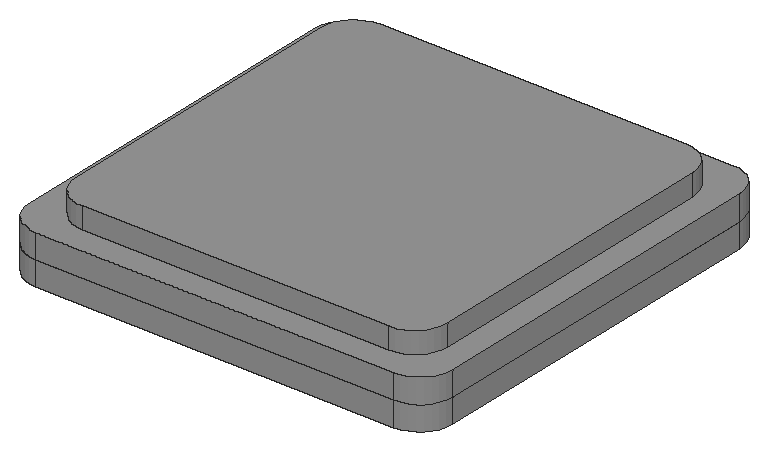
Revit family "FMS2_63_UN_Surface-mounted_ETK", category Lighting Fixtures, Revit 2019 (continued)
Definition of nested family "FMS.2 - Lightsource"
  Types (14, lengths in mm): name | Wattage Comments | Wattage | built-in parameter 1150134 | Photometric Web File | built-in parameter 1150142 | built-in parameter 1150105 | Lumens | built-in parameter 1150107 | built-in parameter 1150106 | Apparent Load
      .8944\t945.3186\t942.7428\r\n939.8808\t937.0188\t934.1568\t931.2948\t928.4328\t925.857\t922.995\t920.133\t917.271\t914.409\r\n911.547\t908.685\t905.823\t901.8162\t897.5232\t893.2302\t888.9372\t884.6442\t880.065\t875.772\r\n871.1928\t866.6136\t862.0344\t857.4552\t852.876\t848.583\t844.0038\t839.7108\t835.1316\t830.8386\r\n826.5456\t821.9664\t817.3872\t812.808\t807.084\t801.36\t795.3498\t789.6258\t783.9018\t778.1778\r\n772.74\t767.016\t761.292\t755.568\t749.844\t744.12\t738.396\t732.672\t726.948\t721.224\r\n715.5\t709.776\t704.052\t698.328\t692.0316\t685.1628\t678.0078\t671.139\t664.2702\t657.4014\r\n650.5326\t643.6638\t636.795\t629.9262\t623.0574\t616.1886\t609.3198\t602.7372\t595.8684\t588.9996\r\n582.1308\t575.262\t568.3932\t561.5244\t554.3694\t546.9282\t539.2008\t531.7596\t524.0322\t516.3048\r\n508.8636\t501.1362\t493.695\t485.9676\t478.5264\t471.0852\t463.3578\t455.9166\t448.4754\t440.748\r\n433.3068\t425.8656\t418.1382\t410.697\t402.6834\t394.6698\t386.6562\t378.6426\t370.629\t362.6154\r\n354.6018\t346.5882\t338.5746\t330.561\t322.5474\t314.5338\t306.5202\t298.5066\t290.493\t282.4222\r\n274.4372\t266.4236\t258.4386\t250.9974\t243.7279\t236.4584\t229.189\t221.9481\t214.6786\t207.4378\r\n200.1683\t192.9274\t185.6866\t178.4457\t171.2335\t163.9926\t156.7517\t149.5395\t142.3273\t135.0864\r\n127.8742\t120.6619\t108.985\t96.3063\t83.6276\t70.9776\t58.2989\t45.6203\t32.9416\t20.2773\r\n7.6072\t0\t0\t0\t0\t0\t0\t0\t0\t0\r\n0\r\n985.1004\t983.9556\t983.097\t981.9522\t980.8074\t979.9488\t978.804\t977.9454\t977.0868\t975.942\r\n975.0834\t974.2248\t973.08\t972.2214\t971.0766\t970.218\t969.0732\t968.2146\t967.356\t966.2112\r\n965.3526\t963.9216\t961.0596\t958.4838\t955.6218\t953.046\t950.184\t947.6082\t944.7462\t941.8842\r\n939.3084\t936.7326\t933.8706\t931.2948\t928.719\t925.857\t923.2812\t920.4192\t917.8434\t915.2676\r\n912.4056\t909.5436\t905.823\t901.53\t896.9508\t892.6578\t888.3648\t884.0718\t879.7788\t875.4858\r\n870.9066\t866.6136\t862.3206\t857.7414\t853.4484\t849.1554\t844.5762\t840.2832\t835.9902\t831.6972\r\n827.4042\t823.1112\t818.2458\t812.5218\t807.084\t801.36\t795.636\t789.912\t784.188\t778.464\r\n772.74\t767.016\t761.292\t755.568\t749.844\t744.4062\t738.6822\t732.9582\t727.5204\t721.7964\r\n716.0724\t710.6346\t704.9106\t698.0418\t691.173\t684.5904\t677.7216\t670.8528\t663.984\t657.1152\r\n650.2464\t643.6638\t636.795\t629.9262\t623.3436\t616.4748\t609.8922\t603.0234\t596.1546\t589.572\r\n582.7032\t576.1206\t569.2518\t561.8106\t554.0832\t546.642\t539.2008\t531.4734\t524.0322\t516.591\r\n508.8636\t501.4224\t493.695\t486.2538\t478.5264\t471.0852\t463.644\t455.9166\t448.4754\t441.0342\r\n433.3068\t425.8656\t418.1382\t410.1246\t402.111\t394.0974\t386.0838\t378.0702\t370.0566\t362.043\r\n354.0294\t346.0158\t338.0022\t329.9886\t321.975\t313.9614\t305.9478\t297.9342\t290.2068\t282.0787\r\n274.1224\t266.1374\t258.6676\t251.3695\t244.0714\t236.7733\t229.4752\t222.2057\t214.9076\t207.6381\r\n200.34\t193.0705\t185.7724\t178.5029\t171.2048\t163.9354\t156.6659\t149.3964\t142.1269\t134.8574\r\n127.5593\t118.5154\t105.8081\t93.1295\t80.4222\t67.7435\t55.0649\t42.3576\t29.6789\t16.9917\r\n4.3016\t0\t0\t0\t0\t0\t0\t0\t0\t0\r\n0\r\n985.1004\t983.9556\t983.097\t981.9522\t981.0936\t979.9488\t979.0902\t977.9454\t977.0868\t976.2282\r\n975.0834\t974.2248\t973.3662\t972.5076\t971.3628\t970.5042\t969.6456\t968.5008\t967.6422\t966.4974\r\n965.6388\t963.3492\t960.7734\t958.1976\t955.3356\t952.7598\t950.184\t947.322\t944.7462\t942.1704\r\n939.3084\t936.7326\t934.1568\t931.2948\t928.719\t925.857\t923.2812\t920.4192\t917.8434\t914.9814\r\n912.4056\t908.9712\t904.9644\t900.6714\t896.3784\t892.0854\t887.7924\t883.4994\t879.2064\t874.9134\r\n870.9066\t866.6136\t862.3206\t858.0276\t853.7346\t849.4416\t845.1486\t840.8556\t836.8488\t832.5558\r\n828.2628\t823.6836\t817.9596\t812.2356\t806.5116\t800.7876\t795.3498\t789.6258\t783.9018\t778.1778\r\n772.74\t767.016\t761.292\t755.568\t750.1302\t744.4062\t738.6822\t732.9582\t727.2342\t721.5102\r\n715.7862\t710.0622\t703.4796\t696.6108\t690.0282\t683.1594\t676.5768\t669.9942\t663.1254\t656.5428\r\n649.674\t643.0914\t636.5088\t629.9262\t623.0574\t616.4748\t609.8922\t603.0234\t596.4408\t589.8582\r\n582.9894\t576.1206\t568.6794\t561.2382\t553.797\t546.3558\t538.9146\t531.1872\t523.746\t516.3048\r\n508.8636\t501.1362\t493.695\t486.2538\t478.8126\t471.3714\t463.644\t456.2028\t448.7616\t441.3204\r\n433.8792\t426.1518\t418.1382\t410.1246\t402.111\t394.3836\t386.37\t378.3564\t370.3428\t362.3292\r\n354.3156\t346.302\t338.2884\t330.2748\t322.2612\t314.2476\t306.234\t298.2204\t290.2068\t282.1932\r\n274.1796\t266.4808\t259.1541\t251.8274\t244.5007\t237.1739\t229.8472\t222.5205\t215.1938\t207.8957\r\n200.569\t193.2422\t185.9155\t178.6174\t171.2907\t163.964\t156.6659\t149.3392\t142.0411\t134.7143\r\n127.4162\t116.3117\t103.6044\t90.8971\t78.1612\t65.4539\t52.7467\t40.0394\t27.3378\t14.6305\r\n1.9213\t0\t0\t0\t0\t0\t0\t0\t0\t0\r\n0\r\n985.1004\t984.2418\t983.097\t982.2384\t981.0936\t980.235\t979.0902\t978.2316\t977.373\t976.2282\r\n975.3696\t974.511\t973.3662\t972.5076\t971.649\t970.7904\t969.6456\t968.787\t967.9284\t967.0698\r\n966.2112\t963.6354\t961.0596\t958.4838\t955.6218\t953.046\t950.4702\t947.6082\t945.0324\t942.4566\r\n939.5946\t937.0188\t934.443\t931.581\t929.0052\t926.4294\t923.5674\t920.9916\t918.4158\t915.84\r\n913.2642\t908.9712\t904.9644\t900.6714\t896.3784\t892.0854\t887.7924\t883.4994\t879.2064\t874.9134\r\n870.9066\t866.6136\t862.3206\t858.0276\t853.7346\t849.4416\t845.4348\t841.1418\t836.8488\t832.5558\r\n828.549\t823.1112\t817.3872\t811.9494\t806.2254\t800.7876\t795.0636\t789.3396\t783.9018\t778.1778\r\n772.4538\t767.016\t761.292\t755.568\t749.844\t744.4062\t738.6822\t732.9582\t727.2342\t721.7964\r\n716.0724\t709.4898\t702.9072\t696.3246\t689.742\t683.1594\t676.2906\t669.708\t663.1254\t656.5428\r\n649.9602\t643.0914\t636.5088\t629.9262\t623.3436\t616.761\t610.1784\t603.3096\t596.727\t590.1444\r\n583.5618\t576.1206\t568.6794\t561.2382\t553.797\t546.3558\t538.9146\t531.4734\t523.746\t516.3048\r\n508.8636\t501.4224\t493.9812\t486.54\t478.8126\t471.3714\t463.9302\t456.489\t449.0478\t441.6066\r\n434.1654\t426.1518\t418.1382\t410.1246\t402.111\t394.0974\t386.0838\t378.0702\t370.0566\t362.043\r\n354.3156\t346.302\t338.2884\t330.2748\t322.2612\t314.2476\t306.234\t298.2204\t290.2068\t282.2504\r\n274.2655\t266.8243\t259.4689\t252.1422\t244.7869\t237.4315\t230.0762\t222.7208\t215.3655\t208.0388\r\n200.6834\t193.3281\t185.9728\t178.646\t171.2907\t163.9354\t156.6086\t149.2533\t141.898\t134.5712\r\n127.2159\t114.9093\t102.202\t89.4661\t76.7588\t64.0516\t51.3443\t38.6084\t25.9068\t13.1938\r\n0.4814\t0\t0\t0\t0\t0\t0\t0\t0\t0\r\n0\r\n985.1004\t984.2418\t983.097\t982.2384\t981.3798\t980.235\t979.3764\t978.5178\t977.373\t976.5144\r\n975.3696\t974.511\t973.6524\t972.5076\t971.649\t970.7904\t969.6456\t968.787\t967.9284\t966.7836\r\n965.925\t963.3492\t960.4872\t957.9114\t955.3356\t952.7598\t949.8978\t947.322\t944.7462\t942.1704\r\n939.3084\t936.7326\t934.1568\t931.581\t929.0052\t926.1432\t923.5674\t920.9916\t918.4158\t915.5538\r\n912.978\t908.685\t904.6782\t900.3852\t896.0922\t891.7992\t887.7924\t883.4994\t879.2064\t875.1996\r\n870.9066\t866.6136\t862.3206\t858.3138\t854.0208\t849.7278\t845.721\t841.428\t837.135\t832.842\r\n828.8352\t823.1112\t817.6734\t811.9494\t806.2254\t800.7876\t795.0636\t789.6258\t783.9018\t778.464\r\n772.74\t767.016\t761.5782\t755.8542\t750.4164\t744.6924\t739.2546\t733.5306\t727.8066\t722.3688\r\n716.6448\t710.0622\t703.4796\t696.6108\t690.0282\t683.4456\t676.863\t669.9942\t663.4116\t656.829\r\n650.2464\t643.3776\t636.795\t630.2124\t623.3436\t616.761\t610.1784\t603.5958\t596.727\t590.1444\r\n583.5618\t576.1206\t568.6794\t561.2382\t553.5108\t546.0696\t538.6284\t531.1872\t523.746\t516.3048\r\n508.8636\t501.4224\t493.9812\t486.54\t478.8126\t471.3714\t463.9302\t456.489\t449.0478\t441.6066\r\n434.1654\t426.1518\t418.1382\t410.1246\t402.111\t394.0974\t386.37\t378.3564\t370.3428\t362.3292\r\n354.3156\t346.302\t338.2884\t330.2748\t322.2612\t314.2476\t306.234\t298.5066\t290.493\t282.4222\r\n274.4372\t267.0818\t259.7265\t252.3712\t245.0158\t237.6891\t230.3338\t222.9784\t215.6231\t208.2677\r\n200.9124\t193.5857\t186.2303\t178.875\t171.5197\t164.1643\t156.809\t149.4823\t142.1269\t134.7716\r\n127.4162\t114.6803\t101.9444\t89.1799\t76.444\t63.7081\t50.9722\t38.2363\t25.4832\t12.7416\r\n0\t0\t0\t0\t0\t0\t0\t0\t0\t0\r\n0\r\n985.1004\t983.9556\t983.097\t981.9522\t981.0936\t979.9488\t979.0902\t978.2316\t977.0868\t976.2282\r\n975.3696\t974.511\t973.6524\t972.5076\t971.649\t970.7904\t969.9318\t969.0732\t968.5008\t967.6422\r\n966.7836\t964.2078\t961.632\t959.0562\t956.1942\t953.6184\t950.7564\t948.1806\t945.3186\t942.7428\r\n939.8808\t937.305\t934.443\t931.8672\t929.0052\t926.4294\t923.5674\t920.9916\t918.1296\t915.5538\r\n912.6918\t908.685\t904.392\t900.3852\t896.0922\t891.7992\t887.7924\t883.4994\t879.4926\t875.1996\r\n870.9066\t866.8998\t862.6068\t858.3138\t854.307\t850.014\t845.721\t841.428\t837.135\t833.1282\r\n828.8352\t823.3974\t817.6734\t811.9494\t806.2254\t800.7876\t795.0636\t789.3396\t783.9018\t778.1778\r\n772.4538\t767.016\t761.292\t755.8542\t750.1302\t744.6924\t738.9684\t733.5306\t727.8066\t722.3688\r\n716.6448\t710.3484\t703.7658\t696.897\t690.3144\t683.7318\t676.863\t670.2804\t663.6978\t656.829\r\n650.2464\t643.6638\t636.795\t630.2124\t623.6298\t616.761\t610.1784\t603.5958\t596.727\t590.1444\r\n583.5618\t576.1206\t568.6794\t561.2382\t553.797\t546.3558\t538.9146\t531.4734\t524.0322\t516.591\r\n509.1498\t501.7086\t494.2674\t486.54\t479.0988\t471.6576\t464.2164\t456.7752\t449.334\t441.8928\r\n434.4516\t426.438\t418.4244\t410.4108\t402.3972\t394.6698\t386.6562\t378.6426\t370.629\t362.6154\r\n354.6018\t346.5882\t338.5746\t330.561\t322.5474\t314.5338\t306.5202\t298.5066\t290.7792\t282.6797\r\n274.6948\t267.2536\t259.8982\t252.5715\t245.2162\t237.8608\t230.5341\t223.1788\t215.852\t208.4967\r\n201.1414\t193.8146\t186.4593\t179.1326\t171.7772\t164.4505\t157.0952\t149.7685\t142.4131\t135.0864\r\n127.7311\t115.3672\t102.6027\t89.8382\t77.0737\t64.3091\t51.5446\t38.7801\t26.0156\t13.2482\r\n0.4834\t0\t0\t0\t0\t0\t0\t0\t0\t0\r\n0\r\n985.1004\t983.9556\t983.097\t981.9522\t980.8074\t979.9488\t978.804\t977.9454\t977.0868\t976.2282\r\n975.3696\t974.511\t973.6524\t972.5076\t971.649\t970.7904\t969.6456\t968.787\t967.6422\t966.7836\r\n965.6388\t963.3492\t960.7734\t957.9114\t955.3356\t952.7598\t950.184\t947.6082\t944.7462\t942.1704\r\n939.5946\t937.0188\t934.443\t931.581\t929.0052\t926.4294\t923.5674\t920.7054\t917.8434\t915.2676\r\n912.4056\t908.9712\t904.9644\t900.6714\t896.3784\t892.0854\t888.0786\t883.7856\t879.4926\t875.1996\r\n871.1928\t866.8998\t862.6068\t858.3138\t854.0208\t850.014\t845.721\t841.428\t837.135\t832.5558\r\n828.2628\t823.6836\t818.2458\t812.5218\t807.084\t801.36\t795.9222\t790.1982\t784.4742\t778.7502\r\n773.3124\t767.5884\t761.8644\t756.1404\t750.4164\t744.6924\t738.9684\t733.2444\t727.8066\t722.0826\r\n716.3586\t710.6346\t703.7658\t697.1832\t690.6006\t683.7318\t677.1492\t670.5666\t663.984\t657.1152\r\n650.5326\t643.95\t637.0812\t630.4986\t623.916\t617.0472\t610.4646\t603.882\t597.2994\t590.4306\r\n583.848\t576.9792\t569.538\t562.0968\t554.6556\t547.2144\t539.487\t532.0458\t524.6046\t516.8772\r\n509.436\t501.9948\t494.2674\t486.8262\t479.385\t471.9438\t464.2164\t456.7752\t449.334\t441.6066\r\n434.1654\t426.438\t418.4244\t410.697\t402.6834\t394.6698\t386.6562\t378.6426\t370.629\t362.6154\r\n354.6018\t346.5882\t338.8608\t330.8472\t322.8336\t314.82\t306.8064\t298.7928\t291.0654\t282.9659\r\n275.0096\t267.3108\t259.9841\t252.6574\t245.3593\t238.0325\t230.7058\t223.3791\t216.0524\t208.7257\r\n201.3989\t194.1008\t186.7741\t179.4474\t172.1207\t164.8226\t157.4959\t150.1691\t142.871\t135.5443\r\n128.2176\t117.0558\t104.2913\t91.4981\t78.705\t65.9119\t53.1187\t40.3256\t27.521\t14.7279\r\n1.9341\t0\t0\t0\t0\t0\t0\t0\t0\t0\r\n0\r\n985.1004\t983.9556\t982.8108\t981.666\t980.8074\t979.6626\t978.804\t977.9454\t977.0868\t975.942\r\n975.0834\t974.2248\t973.3662\t972.2214\t971.3628\t970.218\t969.3594\t968.5008\t967.6422\t966.7836\r\n965.925\t964.494\t961.9182\t959.3424\t956.7666\t953.9046\t951.0426\t948.1806\t945.6048\t942.7428\r\n939.8808\t937.0188\t934.443\t931.8672\t929.0052\t926.4294\t923.8536\t921.2778\t918.702\t916.1262\r\n913.2642\t910.4022\t906.3954\t902.1024\t897.8094\t893.5164\t889.2234\t884.9304\t880.6374\t876.3444\r\n872.0514\t867.7584\t863.4654\t859.1724\t854.8794\t850.5864\t846.2934\t842.0004\t837.7074\t833.1282\r\n828.8352\t824.256\t819.6768\t813.6666\t807.9426\t802.2186\t796.4946\t790.7706\t785.0466\t779.3226\r\n773.5986\t767.8746\t762.1506\t756.4266\t750.7026\t744.9786\t739.2546\t733.5306\t727.8066\t722.0826\r\n716.6448\t710.9208\t705.1968\t698.328\t691.7454\t684.8766\t678.294\t671.4252\t664.5564\t657.9738\r\n651.105\t644.2362\t637.6536\t630.7848\t624.2022\t617.6196\t610.7508\t603.882\t597.2994\t590.4306\r\n583.848\t576.9792\t570.1104\t562.6692\t554.9418\t547.5006\t539.7732\t532.332\t524.8908\t517.1634\r\n509.7222\t501.9948\t494.5536\t487.1124\t479.385\t471.9438\t464.5026\t456.7752\t449.334\t441.6066\r\n434.1654\t426.7242\t418.9968\t410.9832\t402.9696\t394.956\t386.9424\t378.9288\t370.9152\t362.9016\r\n355.1742\t347.1606\t339.147\t331.1334\t323.1198\t315.1062\t307.3788\t299.3652\t291.3516\t283.3952\r\n275.4389\t267.4825\t259.9841\t252.686\t245.3593\t238.0612\t230.7631\t223.465\t216.1669\t208.8688\r\n201.5707\t194.2726\t187.0031\t179.705\t172.4069\t165.1374\t157.8393\t150.5698\t143.3003\t136.0022\r\n128.7328\t119.6316\t106.8098\t94.0167\t81.1949\t68.4018\t55.58\t42.7583\t29.9651\t17.152\r\n4.3445\t0\t0\t0\t0\t0\t0\t0\t0\t0\r\n0\r\n985.1004\t983.9556\t982.8108\t981.666\t980.5212\t979.6626\t978.804\t977.9454\t977.0868\t975.942\r\n975.0834\t974.2248\t973.08\t972.2214\t971.649\t970.7904\t969.9318\t969.0732\t968.2146\t967.0698\r\n965.925\t964.7802\t962.2044\t959.6286\t956.7666\t954.1908\t951.3288\t948.753\t946.1772\t943.6014\r\n940.7394\t937.8774\t935.0154\t932.1534\t929.2914\t926.4294\t923.5674\t920.9916\t918.1296\t915.2676\r\n912.4056\t909.5436\t906.6816\t902.6748\t898.3818\t894.0888\t889.7958\t885.5028\t880.9236\t876.6306\r\n872.0514\t867.7584\t863.4654\t858.8862\t854.5932\t850.014\t845.4348\t840.8556\t836.5626\t831.9834\r\n827.4042\t822.825\t818.532\t813.9528\t808.2288\t802.5048\t796.7808\t791.0568\t785.3328\t779.3226\r\n773.5986\t767.8746\t762.1506\t756.1404\t750.4164\t744.6924\t738.6822\t732.9582\t727.2342\t721.224\r\n715.5\t709.776\t703.7658\t698.0418\t691.7454\t685.1628\t678.294\t671.7114\t664.8426\t657.9738\r\n651.3912\t644.5224\t637.6536\t630.7848\t623.916\t617.3334\t610.4646\t603.5958\t596.727\t590.1444\r\n583.2756\t576.693\t569.8242\t563.2416\t556.0866\t548.3592\t540.918\t533.4768\t525.7494\t518.022\r\n510.2946\t502.8534\t495.126\t487.3986\t479.6712\t472.23\t464.5026\t457.0614\t449.334\t441.6066\r\n434.1654\t426.438\t418.9968\t411.2694\t403.2558\t395.2422\t387.2286\t379.215\t371.2014\t363.1878\r\n355.4604\t347.4468\t339.4332\t331.4196\t323.406\t315.3924\t307.665\t299.6514\t291.6378\t283.7673\r\n275.8396\t267.9404\t260.0127\t252.6001\t245.3306\t238.0612\t230.7917\t223.5222\t216.2527\t209.0119\r\n201.771\t194.5015\t187.2607\t180.0198\t172.8076\t165.5667\t158.3258\t151.1136\t143.8727\t136.6605\r\n129.4196\t122.2074\t110.416\t97.5656\t84.7438\t71.8934\t59.0717\t46.2213\t33.3709\t20.5463\r\n7.7074\t0\t0\t0\t0\t0\t0\t0\t0\t0\r\n0\r\n985.1004\t983.9556\t982.8108\t981.666\t980.5212\t979.6626\t978.804\t977.9454\t977.0868\t976.2282\r\n975.3696\t974.511\t973.6524\t973.08\t972.2214\t971.0766\t969.9318\t968.787\t967.356\t966.2112\r\n965.3526\t964.2078\t963.063\t960.4872\t957.9114\t955.0494\t952.1874\t949.3254\t946.4634\t943.6014\r\n940.7394\t937.8774\t935.3016\t932.4396\t929.5776\t926.7156\t923.8536\t920.9916\t918.1296\t914.9814\r\n911.8332\t908.9712\t905.823\t902.961\t899.5266\t894.9474\t890.6544\t886.0752\t881.496\t876.9168\r\n872.3376\t867.7584\t863.1792\t858.6\t854.0208\t849.7278\t845.1486\t840.5694\t836.2764\t831.6972\r\n827.118\t822.5388\t817.9596\t813.3804\t808.8012\t804.222\t798.2118\t792.2016\t786.4776\t780.4674\r\n774.7434\t768.7332\t763.0092\t756.999\t751.275\t745.551\t739.5408\t733.5306\t727.8066\t721.7964\r\n716.0724\t710.0622\t704.052\t698.328\t692.3178\t686.3076\t679.725\t672.8562\t665.9874\t659.1186\r\n651.9636\t645.0948\t638.226\t631.3572\t624.4884\t617.6196\t610.7508\t603.882\t597.0132\t590.1444\r\n583.2756\t576.4068\t569.538\t562.6692\t555.8004\t548.9316\t541.4904\t533.763\t526.0356\t518.3082\r\n510.867\t503.1396\t495.4122\t487.6848\t480.2436\t472.5162\t464.7888\t457.0614\t449.334\t441.8928\r\n434.1654\t426.438\t418.9968\t411.2694\t403.542\t395.8146\t387.801\t379.7874\t371.7738\t363.7602\r\n355.7466\t348.0192\t340.0056\t331.992\t323.9784\t315.9648\t308.2374\t300.2238\t292.2102\t284.3397\r\n276.412\t268.5128\t260.5851\t252.7146\t245.1589\t237.9181\t230.7058\t223.4936\t216.31\t209.0977\r\n201.8855\t194.7019\t187.4896\t180.306\t173.1224\t165.9388\t158.7838\t151.6001\t144.4451\t137.2901\r\n130.1351\t122.9801\t114.9093\t102.0303\t89.1799\t76.3009\t63.4505\t50.5715\t37.7212\t24.8593\r\n11.9975\t0\t0\t0\t0\t0\t0\t0\t0\t0\r\n0\r\n985.1004\t983.9556\t982.8108\t981.666\t980.5212\t979.6626\t979.0902\t978.2316\t977.0868\t976.5144\r\n975.6558\t975.0834\t974.2248\t973.08\t971.9352\t970.5042\t969.3594\t968.2146\t967.0698\t966.2112\r\n965.0664\t963.6354\t962.4906\t961.0596\t958.1976\t955.6218\t952.7598\t950.184\t947.322\t944.46\r\n941.598\t938.736\t935.874\t932.7258\t929.5776\t926.4294\t923.2812\t920.4192\t917.271\t914.409\r\n911.2608\t908.1126\t904.9644\t901.53\t898.3818\t894.9474\t891.513\t886.9338\t882.6408\t878.0616\r\n873.4824\t868.617\t864.0378\t859.1724\t854.5932\t850.014\t845.4348\t840.8556\t836.2764\t831.6972\r\n826.8318\t822.2526\t817.6734\t812.808\t808.2288\t803.3634\t798.498\t793.6326\t788.1948\t782.1846\r\n776.1744\t770.1642\t764.154\t758.1438\t751.8474\t745.8372\t739.827\t733.5306\t727.5204\t721.5102\r\n715.5\t709.4898\t703.4796\t697.1832\t691.173\t685.1628\t678.8664\t672.8562\t666.846\t660.2634\r\n653.1084\t646.2396\t639.3708\t632.2158\t625.347\t618.192\t611.3232\t604.1682\t597.0132\t590.1444\r\n582.9894\t576
